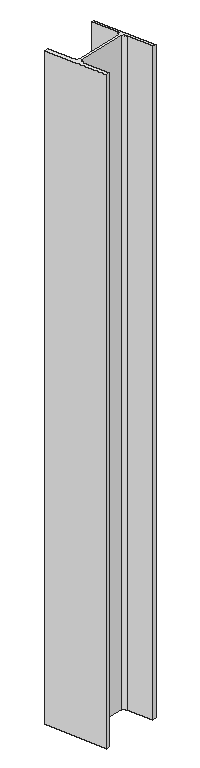
Revit family
Parameters (values of type "250UC72.9")
  Column Material [instance] = Metal - Steel - 345 MPa
  Assembly Code = ""
  A = 0.009 m²
  W = 0.71491
  bf = 254 mm
  d = 254 mm
  k = 28.2 mm
  kr = k - tf  # 14 mm
  tf = 14.2 mm
  tw = 8.6 mm
Reference planes
  plane 1: y = 0
  plane 2: z = 0
  plane 3: x = 0
  plane 4: x = -127
  plane 5: x = 127
  plane 6: y = 127
  plane 7: y = -127
  plane 8: x = -3.969
  plane 9: x = 3.969
Forms (mm)
  Extrusion 1, solid, material "Metal - Steel - 345 MPa" <- "Column Material", detail levels medium
    sketch origin (0, 0, 0) x (1, 0, 0) y (0, 1, 0)
      loop
        line (-127, 127) -> (-127, 112.8) -> (-4.3, 112.8) -> (-4.3, -112.8) -> (-127, -112.8) -> (-127, -127) -> (127, -127) -> (127, -112.8) -> (4.3, -112.8) -> (4.3, 112.8) -> (127, 112.8) -> (127, 127) -> (-127, 127)
    from 0 to 2500
  Extrusion 2, solid, material "Metal - Steel - 345 MPa" <- "Column Material", detail levels fine
    sketch origin (0, 0, 0) x (1, 0, 0) y (0, 1, 0)
      loop
        line (-127, 127) -> (-127, 112.8) -> (-18.3, 112.8)
        arc (-18.3, 112.8) -> (-8.401, 108.699) -> (-4.3, 98.8) r 14
        line (-4.3, 98.8) -> (-4.3, -98.8)
        arc (-4.3, -98.8) -> (-8.401, -108.699) -> (-18.3, -112.8) r 14
        line (-18.3, -112.8) -> (-127, -112.8) -> (-127, -127) -> (127, -127) -> (127, -112.8) -> (18.3, -112.8)
        arc (18.3, -112.8) -> (8.401, -108.699) -> (4.3, -98.8) r 14
        line (4.3, -98.8) -> (4.3, 98.8)
        arc (4.3, 98.8) -> (8.401, 108.699) -> (18.3, 112.8) r 14
        line (18.3, 112.8) -> (127, 112.8) -> (127, 127) -> (-127, 127)
    from 0 to 2500
Lines and regions (mm)
  symbolic lines, style "StructuralColumnStickSymbols", detail levels coarse
    curve 1: line (-127, 127, 0) -> (127, 127, 0)
    curve 2: line (-127, -127, 0) -> (127, -127, 0)
    curve 3: line (0, 127, 0) -> (0, -127, 0)
  symbolic lines, style "Hidden Faces", detail levels medium+fine
    curve 4: line (-3.969, 0, 0) -> (-3.969, 0, 2500)
    curve 5: line (3.969, 0, 2500) -> (3.969, 0, 0)
Dimensions and locks
  equal spacing: plane 4, plane 3, plane 5
  equal spacing: plane 7, plane 1, plane 6
  "d": plane 7 to plane 6
  "bf": plane 4 to plane 5
  "tf": plane 7 to Extrusion 1 sketch curve
  "tf": Extrusion 1 sketch curve to plane 6
  equal spacing: Extrusion 1 sketch curve, plane 3, Extrusion 1 sketch curve
  "tw": Extrusion 1 sketch curve to Extrusion 1 sketch curve
  "kr": radius of Extrusion 2 sketch curve  (x4)
  aligned and locked: plane 6 to Extrusion 1 sketch curve
  aligned and locked: Extrusion 1 sketch curve to plane 7
  aligned and locked: Extrusion 1 sketch curve to plane 4  (x2)
  aligned and locked: plane 5 to Extrusion 1 sketch curve  (x2)
  aligned and locked: Extrusion 1 sketch curve to Extrusion 1 sketch curve  (x2)
  aligned and locked: level to Extrusion 1
  aligned and locked: level to plane 2
  aligned and locked: Extrusion 1 to plane 2
  aligned and locked: plane 6 to Extrusion 2 sketch curve
  aligned and locked: plane 5 to Extrusion 2 sketch curve  (x2)
  aligned and locked: Extrusion 2 sketch curve to plane 4  (x2)
  aligned and locked: Extrusion 2 sketch curve to Extrusion 1  (x6)
  aligned and locked: Extrusion 2 sketch curve to plane 7
  aligned and locked: level to Extrusion 2
  aligned and locked: Extrusion 2 to level
Automatic sketch dimensions
  curve 2 to plane 4 = 0 mm
  curve 1 to plane 4 = 0 mm
  curve 3 to plane 3 = 0 mm
  curve 2 to plane 5 = 0 mm
  curve 1 to plane 5 = 0 mm
  curve 3 to plane 7 = 0 mm
  curve 3 to plane 6 = 0 mm
  curve 4 to level = 0 mm  (x2)
  curve 4 to plane 8 = 0 mm
  curve 5 to level = 0 mm  (x2)
  curve 5 to plane 9 = 0 mm
